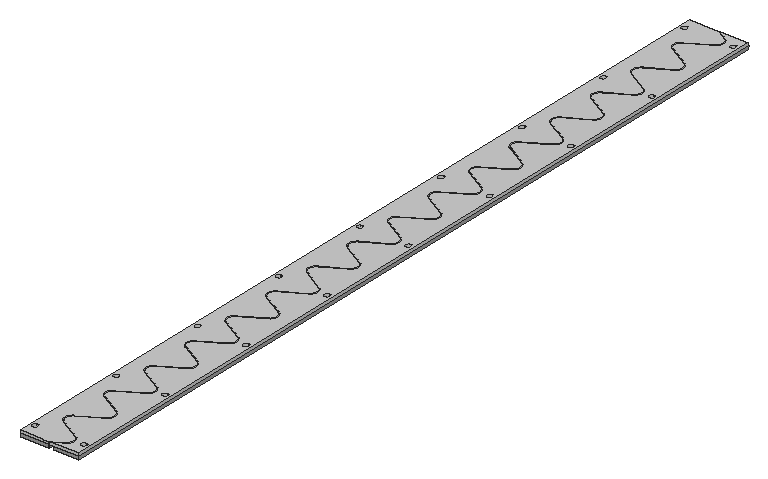
Revit family "Herkules ER140_Profiles with sinusoidal joint", category Generic Models, Revit 2019
Family settings
  Can host rebar = No
  Round Connector Dimension = Use Diameter
  Part Type = Normal
  Work Plane-Based = Yes
  Always vertical = No
  Cut with Voids When Loaded = No
  Shared = No
  Room Calculation Point = No
Parameters (values of type "ER140_L2000")
  Type Image = Herkules ER140_Foto.jpg
  Telephone = "+49 (0)8 21 / 455 969 0"
  Length = 2000 mm
  Height = 14 mm  # constant formula
  Delivery time = "2 weeks"
  Default Elevation = 0 mm
  Description = "Joint profiles reconstruction and transition"
  Type Comments = "HerkulesER140_L2500"
  Keynote = "Herkules"
  Manufacturer = "Guggemos GmbH"
  Model = "Heavy duty profile for extremely low installation heights"
  Video = "https://www.youtube.com/watch?v=sm5Nj8XeAwQ"
  URL = "https://www.fugenprofile.de/en/joint-profiles-for-reconstruction-and-transition/joint-profile-herkules-er140/"
  E-mail = "service@fugenprofile.de"
  Basic material EOS = Steel S355 JR
  Adresse = "Iglauer Str. 6 86316 Friedberg"
Types (4, lengths in mm): name | Length
  (no name) | 2000
  ER140_L2500 | 2500
  ER140_L2000 | 2000
  ER140_L1500 | 1500
Reference planes
  plane 1 "Center (Front/Back)": y = -500
  plane 2: z = 0.5
  plane 3 "Center (Left/Right)": x = 0
  plane 4: y = 1500
  plane 5: y = 0
  plane 6: y = 1000
Dimensions and locks
  "Length": plane 1 "Center (Front/Back)" to plane 4
  locked: plane 1 "Center (Front/Back)" to plane 5 at 500
  locked: plane 6 to plane 4 at 500
  locked: plane 2 to level at 0.5
  aligned and locked: plane 2 to nested 1
Nested families
  nested 1: "Detail 2" at (3.56, -500, 0.5), type "Profilkopf"
    with Number of waves 17, Number of holes for anchors 9, Length 2000 mm, Dimension_Row1 1939.4 mm
Definition of nested family "Detail 2"
  Parameters (values of type "Profilkopf")
    Number of waves = Length / 123 mm + 1  # 13
    Number of holes for anchors = if((Dimension_Row1) / 242.5 mm + 1 > 2, (Dimension_Row1) / 242.5 mm + 1, 2)  # 7
    Length = 1500 mm
    Dimension_Row1 = Length - 30.3 mm - 30.3 mm  # 1439.4 mm
    Basismateriall Profilkopf = none
  Reference planes
    plane 1 "Center (Front/Back)": y = 0
    plane 2: z = 0
    plane 3 "Center (Left/Right)": x = 0
    plane 4: y = 1500
    plane 5: y = 30.311
    plane 6: y = 272.798
    plane 7: y = 515.285
    plane 8: y = 757.772
    plane 9: y = 1000.259
    plane 10: y = 1242.746
    plane 11: y = 1485.234
  Forms (mm)
    Extrusion 1, solid, material <- "Basismateriall Profilkopf"
      sketch origin (0, 0, 0) x (1, 0, 0) y (0, 0, 1)
        loop
          line (-70, -14) -> (0, -14) -> (0, -6) -> (-70, -6) -> (-70, -14)
        loop
          line (10, -6) -> (10, -14) -> (70, -14) -> (70, -6) -> (10, -6)
      from 0 to -1500
    Extrusion 2, solid
      sketch origin (0, 0, 0) x (1, 0, 0) y (0, 0, 1)
        loop
          line (70, -6) -> (70, 0) -> (-70, 0) -> (-70, -6) -> (70, -6)
      from -1500 to 0
    Extrusion 3, void
      sketch origin (0, 0, 0) x (0, 1, 0) y (1, 0, 0)
        loop
          arc (106.088, -26.25) -> (90.933, -35) -> (75.777, -26.25) r 17.5
          line (75.777, -26.25) -> (45.466, 26.25)
          arc (45.466, 26.25) -> (30.311, 35) -> (15.155, 26.25) r 17.5
          line (15.155, 26.25) -> (0, 0) -> (0.924, 0) -> (15.848, 25.85)
          arc (15.848, 25.85) -> (30.311, 34.2) -> (44.774, 25.85) r 16.7
          line (44.774, 25.85) -> (75.084, -26.65)
          arc (75.084, -26.65) -> (90.933, -35.8) -> (106.781, -26.65) r 18.3
          line (106.781, -26.65) -> (122.167, 0) -> (121.244, 0) -> (106.088, -26.25)
      from 0 to 6
    Extrusion 4, void
      sketch origin (0, 121.244, 0) x (0, 1, 0) y (1, 0, 0)
        loop
          arc (106.088, -26.25) -> (90.933, -35) -> (75.777, -26.25) r 17.5
          line (75.777, -26.25) -> (45.466, 26.25)
          arc (45.466, 26.25) -> (30.311, 35) -> (15.155, 26.25) r 17.5
          line (15.155, 26.25) -> (0, 0) -> (0.924, 0) -> (15.848, 25.85)
          arc (15.848, 25.85) -> (30.311, 34.2) -> (44.774, 25.85) r 16.7
          line (44.774, 25.85) -> (75.084, -26.65)
          arc (75.084, -26.65) -> (90.933, -35.8) -> (106.781, -26.65) r 18.3
          line (106.781, -26.65) -> (122.167, 0) -> (121.244, 0) -> (106.088, -26.25)
      from 0 to 6
    Extrusion 5, void
      sketch origin (0, 242.487, 0) x (0, 1, 0) y (1, 0, 0)
        loop
          arc (106.088, -26.25) -> (90.933, -35) -> (75.777, -26.25) r 17.5
          line (75.777, -26.25) -> (45.466, 26.25)
          arc (45.466, 26.25) -> (30.311, 35) -> (15.155, 26.25) r 17.5
          line (15.155, 26.25) -> (0, 0) -> (0.924, 0) -> (15.848, 25.85)
          arc (15.848, 25.85) -> (30.311, 34.2) -> (44.774, 25.85) r 16.7
          line (44.774, 25.85) -> (75.084, -26.65)
          arc (75.084, -26.65) -> (90.933, -35.8) -> (106.781, -26.65) r 18.3
          line (106.781, -26.65) -> (122.167, 0) -> (121.244, 0) -> (106.088, -26.25)
      from 0 to 6
    Extrusion 6, void
      sketch origin (0, 363.731, 0) x (0, 1, 0) y (1, 0, 0)
        loop
          arc (106.088, -26.25) -> (90.933, -35) -> (75.777, -26.25) r 17.5
          line (75.777, -26.25) -> (45.466, 26.25)
          arc (45.466, 26.25) -> (30.311, 35) -> (15.155, 26.25) r 17.5
          line (15.155, 26.25) -> (0, 0) -> (0.924, 0) -> (15.848, 25.85)
          arc (15.848, 25.85) -> (30.311, 34.2) -> (44.774, 25.85) r 16.7
          line (44.774, 25.85) -> (75.084, -26.65)
          arc (75.084, -26.65) -> (90.933, -35.8) -> (106.781, -26.65) r 18.3
          line (106.781, -26.65) -> (122.167, 0) -> (121.244, 0) -> (106.088, -26.25)
      from 0 to 6
    Extrusion 7, void
      sketch origin (0, 484.974, 0) x (0, 1, 0) y (1, 0, 0)
        loop
          arc (106.088, -26.25) -> (90.933, -35) -> (75.777, -26.25) r 17.5
          line (75.777, -26.25) -> (45.466, 26.25)
          arc (45.466, 26.25) -> (30.311, 35) -> (15.155, 26.25) r 17.5
          line (15.155, 26.25) -> (0, 0) -> (0.924, 0) -> (15.848, 25.85)
          arc (15.848, 25.85) -> (30.311, 34.2) -> (44.774, 25.85) r 16.7
          line (44.774, 25.85) -> (75.084, -26.65)
          arc (75.084, -26.65) -> (90.933, -35.8) -> (106.781, -26.65) r 18.3
          line (106.781, -26.65) -> (122.167, 0) -> (121.244, 0) -> (106.088, -26.25)
      from 0 to 6
    Extrusion 8, void
      sketch origin (0, 606.218, 0) x (0, 1, 0) y (1, 0, 0)
        loop
          arc (106.088, -26.25) -> (90.933, -35) -> (75.777, -26.25) r 17.5
          line (75.777, -26.25) -> (45.466, 26.25)
          arc (45.466, 26.25) -> (30.311, 35) -> (15.155, 26.25) r 17.5
          line (15.155, 26.25) -> (0, 0) -> (0.924, 0) -> (15.848, 25.85)
          arc (15.848, 25.85) -> (30.311, 34.2) -> (44.774, 25.85) r 16.7
          line (44.774, 25.85) -> (75.084, -26.65)
          arc (75.084, -26.65) -> (90.933, -35.8) -> (106.781, -26.65) r 18.3
          line (106.781, -26.65) -> (122.167, 0) -> (121.244, 0) -> (106.088, -26.25)
      from 0 to 6
    Extrusion 9, void
      sketch origin (0, 727.461, 0) x (0, 1, 0) y (1, 0, 0)
        loop
          arc (106.088, -26.25) -> (90.933, -35) -> (75.777, -26.25) r 17.5
          line (75.777, -26.25) -> (45.466, 26.25)
          arc (45.466, 26.25) -> (30.311, 35) -> (15.155, 26.25) r 17.5
          line (15.155, 26.25) -> (0, 0) -> (0.924, 0) -> (15.848, 25.85)
          arc (15.848, 25.85) -> (30.311, 34.2) -> (44.774, 25.85) r 16.7
          line (44.774, 25.85) -> (75.084, -26.65)
          arc (75.084, -26.65) -> (90.933, -35.8) -> (106.781, -26.65) r 18.3
          line (106.781, -26.65) -> (122.167, 0) -> (121.244, 0) -> (106.088, -26.25)
      from 0 to 6
    Extrusion 10, void
      sketch origin (0, 848.705, 0) x (0, 1, 0) y (1, 0, 0)
        loop
          arc (106.088, -26.25) -> (90.933, -35) -> (75.777, -26.25) r 17.5
          line (75.777, -26.25) -> (45.466, 26.25)
          arc (45.466, 26.25) -> (30.311, 35) -> (15.155, 26.25) r 17.5
          line (15.155, 26.25) -> (0, 0) -> (0.924, 0) -> (15.848, 25.85)
          arc (15.848, 25.85) -> (30.311, 34.2) -> (44.774, 25.85) r 16.7
          line (44.774, 25.85) -> (75.084, -26.65)
          arc (75.084, -26.65) -> (90.933, -35.8) -> (106.781, -26.65) r 18.3
          line (106.781, -26.65) -> (122.167, 0) -> (121.244, 0) -> (106.088, -26.25)
      from 0 to 6
    Extrusion 11, void
      sketch origin (0, 969.948, 0) x (0, 1, 0) y (1, 0, 0)
        loop
          arc (106.088, -26.25) -> (90.933, -35) -> (75.777, -26.25) r 17.5
          line (75.777, -26.25) -> (45.466, 26.25)
          arc (45.466, 26.25) -> (30.311, 35) -> (15.155, 26.25) r 17.5
          line (15.155, 26.25) -> (0, 0) -> (0.924, 0) -> (15.848, 25.85)
          arc (15.848, 25.85) -> (30.311, 34.2) -> (44.774, 25.85) r 16.7
          line (44.774, 25.85) -> (75.084, -26.65)
          arc (75.084, -26.65) -> (90.933, -35.8) -> (106.781, -26.65) r 18.3
          line (106.781, -26.65) -> (122.167, 0) -> (121.244, 0) -> (106.088, -26.25)
      from 0 to 6
    Extrusion 12, void
      sketch origin (0, 1091.192, 0) x (0, 1, 0) y (1, 0, 0)
        loop
          arc (106.088, -26.25) -> (90.933, -35) -> (75.777, -26.25) r 17.5
          line (75.777, -26.25) -> (45.466, 26.25)
          arc (45.466, 26.25) -> (30.311, 35) -> (15.155, 26.25) r 17.5
          line (15.155, 26.25) -> (0, 0) -> (0.924, 0) -> (15.848, 25.85)
          arc (15.848, 25.85) -> (30.311, 34.2) -> (44.774, 25.85) r 16.7
          line (44.774, 25.85) -> (75.084, -26.65)
          arc (75.084, -26.65) -> (90.933, -35.8) -> (106.781, -26.65) r 18.3
          line (106.781, -26.65) -> (122.167, 0) -> (121.244, 0) -> (106.088, -26.25)
      from 0 to 6
    Extrusion 13, void
      sketch origin (0, 1212.436, 0) x (0, 1, 0) y (1, 0, 0)
        loop
          arc (106.088, -26.25) -> (90.933, -35) -> (75.777, -26.25) r 17.5
          line (75.777, -26.25) -> (45.466, 26.25)
          arc (45.466, 26.25) -> (30.311, 35) -> (15.155, 26.25) r 17.5
          line (15.155, 26.25) -> (0, 0) -> (0.924, 0) -> (15.848, 25.85)
          arc (15.848, 25.85) -> (30.311, 34.2) -> (44.774, 25.85) r 16.7
          line (44.774, 25.85) -> (75.084, -26.65)
          arc (75.084, -26.65) -> (90.933, -35.8) -> (106.781, -26.65) r 18.3
          line (106.781, -26.65) -> (122.167, 0) -> (121.244, 0) -> (106.088, -26.25)
      from 0 to 6
    Extrusion 14, void
      sketch origin (0, 1333.679, 0) x (0, 1, 0) y (1, 0, 0)
        loop
          arc (106.088, -26.25) -> (90.933, -35) -> (75.777, -26.25) r 17.5
          line (75.777, -26.25) -> (45.466, 26.25)
          arc (45.466, 26.25) -> (30.311, 35) -> (15.155, 26.25) r 17.5
          line (15.155, 26.25) -> (0, 0) -> (0.924, 0) -> (15.848, 25.85)
          arc (15.848, 25.85) -> (30.311, 34.2) -> (44.774, 25.85) r 16.7
          line (44.774, 25.85) -> (75.084, -26.65)
          arc (75.084, -26.65) -> (90.933, -35.8) -> (106.781, -26.65) r 18.3
          line (106.781, -26.65) -> (122.167, 0) -> (121.244, 0) -> (106.088, -26.25)
      from 0 to 6
    Extrusion 15, void
      sketch origin (0, 1454.923, 0) x (0, 1, 0) y (1, 0, 0)
        loop
          arc (106.088, -26.25) -> (90.933, -35) -> (75.777, -26.25) r 17.5
          line (75.777, -26.25) -> (45.466, 26.25)
          arc (45.466, 26.25) -> (30.311, 35) -> (15.155, 26.25) r 17.5
          line (15.155, 26.25) -> (0, 0) -> (0.924, 0) -> (15.848, 25.85)
          arc (15.848, 25.85) -> (30.311, 34.2) -> (44.774, 25.85) r 16.7
          line (44.774, 25.85) -> (75.084, -26.65)
          arc (75.084, -26.65) -> (90.933, -35.8) -> (106.781, -26.65) r 18.3
          line (106.781, -26.65) -> (122.167, 0) -> (121.244, 0) -> (106.088, -26.25)
      from 0 to 6
    Extrusion 16, void
      sketch origin (0, 0.311, 0) x (0, 1, 0) y (1, 0, 0)
        loop
          circle (30, 58) r 6.5
        loop
          circle (30, -58) r 6.5
      from 0 to 20
    Extrusion 17, void
      sketch origin (0, 0, 0) x (0, 1, 0) y (1, 0, 0)
        loop
          line (0, -1.6) -> (0.924, 0) -> (0, 0) -> (0, -1.6)
      from 0 to 20
    Extrusion 18, void
      sketch origin (0, 242.798, 0) x (0, 1, 0) y (1, 0, 0)
        loop
          circle (30, 58) r 6.5
        loop
          circle (30, -58) r 6.5
      from 0 to 20
    Extrusion 19, void
      sketch origin (0, 485.285, 0) x (0, 1, 0) y (1, 0, 0)
        loop
          circle (30, 58) r 6.5
        loop
          circle (30, -58) r 6.5
      from 0 to 20
    Extrusion 20, void
      sketch origin (0, 727.772, 0) x (0, 1, 0) y (1, 0, 0)
        loop
          circle (30, 58) r 6.5
        loop
          circle (30, -58) r 6.5
      from 0 to 20
    Extrusion 21, void
      sketch origin (0, 970.259, 0) x (0, 1, 0) y (1, 0, 0)
        loop
          circle (30, 58) r 6.5
        loop
          circle (30, -58) r 6.5
      from 0 to 20
    Extrusion 22, void
      sketch origin (0, 1212.746, 0) x (0, 1, 0) y (1, 0, 0)
        loop
          circle (30, 58) r 6.5
        loop
          circle (30, -58) r 6.5
      from 0 to 20
    Extrusion 23, void
      sketch origin (0, 1455.234, 0) x (0, 1, 0) y (1, 0, 0)
        loop
          circle (30, 58) r 6.5
        loop
          circle (30, -58) r 6.5
      from 0 to 20
  Cuts and joins
    Extrusion 3, Extrusion 4, Extrusion 5, Extrusion 6, Extrusion 7, Extrusion 8, Extrusion 9, Extrusion 10, Extrusion 11, Extrusion 12, Extrusion 13, Extrusion 14, Extrusion 15, Extrusion 16, Extrusion 17, Extrusion 18, Extrusion 19, Extrusion 20, Extrusion 21, Extrusion 22, Extrusion 23 cuts Extrusion 2
    Extrusion 5, Extrusion 8, Extrusion 9, Extrusion 10, Extrusion 11, Extrusion 12, Extrusion 13, Extrusion 14, Extrusion 15, Extrusion 16, Extrusion 17, Extrusion 18, Extrusion 19, Extrusion 20, Extrusion 21, Extrusion 22, Extrusion 23 cuts Extrusion 1
  Dimensions and locks
    "Length": plane 1 "Center (Front/Back)" to plane 4
    equal spacing: group 1, group 2, group 3, group 4, group 5, group 6, group 7, group 8, group 9, group 10, group 11, group 12, group 13  (x3)
    equal spacing: group 14, group 15, group 16, group 17, group 18, group 19, group 20  (x3)
    plane 1 "Center (Front/Back)" to plane 5 = 30.311 mm
    plane 5 to plane 6 = 242.487 mm
    aligned and locked: level to plane 2
    aligned and locked: Extrusion 1 to plane 4
    aligned and locked: Extrusion 2 to Extrusion 1  (x2)
    aligned and locked: Extrusion 2 to Extrusion 3
    aligned and locked: plane 5 to Extrusion 16 sketch curve  (x2)
    aligned and locked: plane 6 to Extrusion 18 sketch curve  (x2)
    aligned and locked: plane 7 to Extrusion 19 sketch curve  (x2)
    aligned and locked: plane 8 to Extrusion 20 sketch curve  (x2)
    aligned and locked: plane 9 to Extrusion 21 sketch curve  (x2)
    aligned and locked: plane 10 to Extrusion 22 sketch curve  (x2)
    aligned and locked: plane 11 to Extrusion 23 sketch curve  (x2)
  Automatic sketch dimensions
    plane 3 "Center (Left/Right)" to Extrusion 2 sketch curve = 70 mm
    Extrusion 2 sketch curve to plane 3 "Center (Left/Right)" = 70 mm
    Extrusion 2 sketch curve to level = 6 mm
    Extrusion 2 sketch curve to level = 0 mm
    Extrusion 1 sketch curve to plane 3 "Center (Left/Right)" = 0 mm
    Extrusion 1 sketch curve to level = 14 mm  (x2)
    Extrusion 1 sketch curve to plane 3 "Center (Left/Right)" = 70 mm
    plane 3 "Center (Left/Right)" to Extrusion 1 sketch curve = 10 mm
    Extrusion 1 sketch curve to Extrusion 1 sketch curve = 60 mm
    Extrusion 1 sketch curve to level = 6 mm  (x2)
    Extrusion 3 sketch curve to Extrusion 3 sketch curve = 0 mm  (x8)
    Extrusion 3 sketch curve to Extrusion 3 sketch curve = 0.924 mm  (x2)
    Extrusion 3 sketch curve to Extrusion 3 sketch curve = 14.232 mm
    Extrusion 3 sketch curve to Extrusion 3 sketch curve = 0.693 mm  (x4)
    Extrusion 3 sketch curve to Extrusion 3 sketch curve = 14.463 mm  (x2)
    Extrusion 3 sketch curve to Extrusion 3 sketch curve = 30.311 mm
    Extrusion 3 sketch curve to Extrusion 3 sketch curve = 15.155 mm  (x2)
    Extrusion 3 sketch curve to Extrusion 3 sketch curve = 0.4 mm  (x2)
    Extrusion 3 sketch curve to Extrusion 3 sketch curve = 8.35 mm
    Extrusion 3 sketch curve to Extrusion 3 sketch curve = 25.85 mm
    Extrusion 3 sketch curve to Extrusion 3 sketch curve = 43.75 mm
    Extrusion 3 sketch curve to Extrusion 3 sketch curve = 8.75 mm
    Extrusion 3 sketch curve to Extrusion 3 sketch curve = 15.386 mm
    Extrusion 3 sketch curve to Extrusion 3 sketch curve = 26.65 mm
    Extrusion 4 sketch curve to Extrusion 4 sketch curve = 0 mm  (x8)
    Extrusion 4 sketch curve to Extrusion 4 sketch curve = 0.924 mm  (x2)
    Extrusion 4 sketch curve to Extrusion 4 sketch curve = 14.232 mm
    Extrusion 4 sketch curve to Extrusion 4 sketch curve = 0.693 mm  (x4)
    Extrusion 4 sketch curve to Extrusion 4 sketch curve = 14.463 mm  (x2)
    Extrusion 4 sketch curve to Extrusion 4 sketch curve = 30.311 mm
    Extrusion 4 sketch curve to Extrusion 4 sketch curve = 15.155 mm  (x2)
    Extrusion 4 sketch curve to Extrusion 4 sketch curve = 0.4 mm  (x2)
    Extrusion 4 sketch curve to Extrusion 4 sketch curve = 8.35 mm
    Extrusion 4 sketch curve to Extrusion 4 sketch curve = 25.85 mm
    Extrusion 4 sketch curve to Extrusion 4 sketch curve = 43.75 mm
    Extrusion 4 sketch curve to Extrusion 4 sketch curve = 8.75 mm
    Extrusion 4 sketch curve to Extrusion 4 sketch curve = 15.386 mm
    Extrusion 4 sketch curve to Extrusion 4 sketch curve = 26.65 mm
    Extrusion 5 sketch curve to Extrusion 5 sketch curve = 0 mm  (x8)
    Extrusion 5 sketch curve to Extrusion 5 sketch curve = 0.924 mm  (x2)
    Extrusion 5 sketch curve to Extrusion 5 sketch curve = 14.232 mm
    Extrusion 5 sketch curve to Extrusion 5 sketch curve = 0.693 mm  (x4)
    Extrusion 5 sketch curve to Extrusion 5 sketch curve = 14.463 mm  (x2)
    Extrusion 5 sketch curve to Extrusion 5 sketch curve = 30.311 mm
    Extrusion 5 sketch curve to Extrusion 5 sketch curve = 15.155 mm  (x2)
    Extrusion 5 sketch curve to Extrusion 5 sketch curve = 0.4 mm  (x2)
    Extrusion 5 sketch curve to Extrusion 5 sketch curve = 8.35 mm
    Extrusion 5 sketch curve to Extrusion 5 sketch curve = 25.85 mm
    Extrusion 5 sketch curve to Extrusion 5 sketch curve = 43.75 mm
    Extrusion 5 sketch curve to Extrusion 5 sketch curve = 8.75 mm
    Extrusion 5 sketch curve to Extrusion 5 sketch curve = 15.386 mm
    Extrusion 5 sketch curve to Extrusion 5 sketch curve = 26.65 mm
    Extrusion 6 sketch curve to Extrusion 6 sketch curve = 0 mm  (x8)
    Extrusion 6 sketch curve to Extrusion 6 sketch curve = 0.924 mm  (x2)
    Extrusion 6 sketch curve to Extrusion 6 sketch curve = 14.232 mm
    Extrusion 6 sketch curve to Extrusion 6 sketch curve = 0.693 mm  (x4)
    Extrusion 6 sketch curve to Extrusion 6 sketch curve = 14.463 mm  (x2)
    Extrusion 6 sketch curve to Extrusion 6 sketch curve = 30.311 mm
    Extrusion 6 sketch curve to Extrusion 6 sketch curve = 15.155 mm  (x2)
    Extrusion 6 sketch curve to Extrusion 6 sketch curve = 0.4 mm  (x2)
    Extrusion 6 sketch curve to Extrusion 6 sketch curve = 8.35 mm
    Extrusion 6 sketch curve to Extrusion 6 sketch curve = 25.85 mm
    Extrusion 6 sketch curve to Extrusion 6 sketch curve = 43.75 mm
    Extrusion 6 sketch curve to Extrusion 6 sketch curve = 8.75 mm
    Extrusion 6 sketch curve to Extrusion 6 sketch curve = 15.386 mm
    Extrusion 6 sketch curve to Extrusion 6 sketch curve = 26.65 mm
    Extrusion 7 sketch curve to Extrusion 7 sketch curve = 0 mm  (x8)
    Extrusion 7 sketch curve to Extrusion 7 sketch curve = 0.924 mm  (x2)
    Extrusion 7 sketch curve to Extrusion 7 sketch curve = 14.232 mm
    Extrusion 7 sketch curve to Extrusion 7 sketch curve = 0.693 mm  (x4)
    Extrusion 7 sketch curve to Extrusion 7 sketch curve = 14.463 mm  (x2)
    Extrusion 7 sketch curve to Extrusion 7 sketch curve = 30.311 mm
    Extrusion 7 sketch curve to Extrusion 7 sketch curve = 15.155 mm  (x2)
    Extrusion 7 sketch curve to Extrusion 7 sketch curve = 0.4 mm  (x2)
    Extrusion 7 sketch curve to Extrusion 7 sketch curve = 8.35 mm
    Extrusion 7 sketch curve to Extrusion 7 sketch curve = 25.85 mm
    Extrusion 7 sketch curve to Extrusion 7 sketch curve = 43.75 mm
    Extrusion 7 sketch curve to Extrusion 7 sketch curve = 8.75 mm
    Extrusion 7 sketch curve to Extrusion 7 sketch curve = 15.386 mm
    Extrusion 7 sketch curve to Extrusion 7 sketch curve = 26.65 mm
    Extrusion 8 sketch curve to Extrusion 8 sketch curve = 0 mm  (x8)
    Extrusion 8 sketch curve to Extrusion 8 sketch curve = 0.924 mm  (x2)
    Extrusion 8 sketch curve to Extrusion 8 sketch curve = 14.232 mm
    Extrusion 8 sketch curve to Extrusion 8 sketch curve = 0.693 mm  (x4)
    Extrusion 8 sketch curve to Extrusion 8 sketch curve = 14.463 mm  (x2)
    Extrusion 8 sketch curve to Extrusion 8 sketch curve = 30.311 mm
    Extrusion 8 sketch curve to Extrusion 8 sketch curve = 15.155 mm  (x2)
    Extrusion 8 sketch curve to Extrusion 8 sketch curve = 0.4 mm  (x2)
    Extrusion 8 sketch curve to Extrusion 8 sketch curve = 8.35 mm
    Extrusion 8 sketch curve to Extrusion 8 sketch curve = 25.85 mm
    Extrusion 8 sketch curve to Extrusion 8 sketch curve = 43.75 mm
    Extrusion 8 sketch curve to Extrusion 8 sketch curve = 8.75 mm
    Extrusion 8 sketch curve to Extrusion 8 sketch curve = 15.386 mm
    Extrusion 8 sketch curve to Extrusion 8 sketch curve = 26.65 mm
    Extrusion 9 sketch curve to Extrusion 9 sketch curve = 0 mm  (x8)
    Extrusion 9 sketch curve to Extrusion 9 sketch curve = 0.924 mm  (x2)
    Extrusion 9 sketch curve to Extrusion 9 sketch curve = 14.232 mm
    Extrusion 9 sketch curve to Extrusion 9 sketch curve = 0.693 mm  (x4)
    Extrusion 9 sketch curve to Extrusion 9 sketch curve = 14.463 mm  (x2)
    Extrusion 9 sketch curve to Extrusion 9 sketch curve = 30.311 mm
    Extrusion 9 sketch curve to Extrusion 9 sketch curve = 15.155 mm  (x2)
    Extrusion 9 sketch curve to Extrusion 9 sketch curve = 0.4 mm  (x2)
    Extrusion 9 sketch curve to Extrusion 9 sketch curve = 8.35 mm
    Extrusion 9 sketch curve to Extrusion 9 sketch curve = 25.85 mm
    Extrusion 9 sketch curve to Extrusion 9 sketch curve = 43.75 mm
    Extrusion 9 sketch curve to Extrusion 9 sketch curve = 8.75 mm
    Extrusion 9 sketch curve to Extrusion 9 sketch curve = 15.386 mm
    Extrusion 9 sketch curve to Extrusion 9 sketch curve = 26.65 mm
    Extrusion 10 sketch curve to Extrusion 10 sketch curve = 0 mm  (x8)
    Extrusion 10 sketch curve to Extrusion 10 sketch curve = 0.924 mm  (x2)
    Extrusion 10 sketch curve to Extrusion 10 sketch curve = 14.232 mm
    Extrusion 10 sketch curve to Extrusion 10 sketch curve = 0.693 mm  (x4)
    Extrusion 10 sketch curve to Extrusion 10 sketch curve = 14.463 mm  (x2)
    Extrusion 10 sketch curve to Extrusion 10 sketch curve = 30.311 mm
    Extrusion 10 sketch curve to Extrusion 10 sketch curve = 15.155 mm  (x2)
    Extrusion 10 sketch curve to Extrusion 10 sketch curve = 0.4 mm  (x2)
    Extrusion 10 sketch curve to Extrusion 10 sketch curve = 8.35 mm
    Extrusion 10 sketch curve to Extrusion 10 sketch curve = 25.85 mm
    Extrusion 10 sketch curve to Extrusion 10 sketch curve = 43.75 mm
    Extrusion 10 sketch curve to Extrusion 10 sketch curve = 8.75 mm
    Extrusion 10 sketch curve to Extrusion 10 sketch curve = 15.386 mm
    Extrusion 10 sketch curve to Extrusion 10 sketch curve = 26.65 mm
    Extrusion 11 sketch curve to Extrusion 11 sketch curve = 0 mm  (x8)
    Extrusion 11 sketch curve to Extrusion 11 sketch curve = 0.924 mm  (x2)
    Extrusion 11 sketch curve to Extrusion 11 sketch curve = 14.232 mm
    Extrusion 11 sketch curve to Extrusion 11 sketch curve = 0.693 mm  (x4)
    Extrusion 11 sketch curve to Extrusion 11 sketch curve = 14.463 mm  (x2)
    Extrusion 11 sketch curve to Extrusion 11 sketch curve = 30.311 mm
    Extrusion 11 sketch curve to Extrusion 11 sketch curve = 15.155 mm  (x2)
    Extrusion 11 sketch curve to Extrusion 11 sketch curve = 0.4 mm  (x2)
    Extrusion 11 sketch curve to Extrusion 11 sketch curve = 8.35 mm
    Extrusion 11 sketch curve to Extrusion 11 sketch curve = 25.85 mm
    Extrusion 11 sketch curve to Extrusion 11 sketch curve = 43.75 mm
    Extrusion 11 sketch curve to Extrusion 11 sketch curve = 8.75 mm
    Extrusion 11 sketch curve to Extrusion 11 sketch curve = 15.386 mm
    Extrusion 11 sketch curve to Extrusion 11 sketch curve = 26.65 mm
    Extrusion 12 sketch curve to Extrusion 12 sketch curve = 0 mm  (x8)
    Extrusion 12 sketch curve to Extrusion 12 sketch curve = 0.924 mm  (x2)
    Extrusion 12 sketch curve to Extrusion 12 sketch curve = 14.232 mm
    Extrusion 12 sketch curve to Extrusion 12 sketch curve = 0.693 mm  (x4)
    Extrusion 12 sketch curve to Extrusion 12 sketch curve = 14.463 mm  (x2)
    Extrusion 12 sketch curve to Extrusion 12 sketch curve = 30.311 mm
    Extrusion 12 sketch curve to Extrusion 12 sketch curve = 15.155 mm  (x2)
    Extrusion 12 sketch curve to Extrusion 12 sketch curve = 0.4 mm  (x2)
    Extrusion 12 sketch curve to Extrusion 12 sketch curve = 8.35 mm
    Extrusion 12 sketch curve to Extrusion 12 sketch curve = 25.85 mm
    Extrusion 12 sketch curve to Extrusion 12 sketch curve = 43.75 mm
    Extrusion 12 sketch curve to Extrusion 12 sketch curve = 8.75 mm
    Extrusion 12 sketch curve to Extrusion 12 sketch curve = 15.386 mm
    Extrusion 12 sketch curve to Extrusion 12 sketch curve = 26.65 mm
    Extrusion 13 sketch curve to Extrusion 13 sketch curve = 0 mm  (x8)
    Extrusion 13 sketch curve to Extrusion 13 sketch curve = 0.924 mm  (x2)
    Extrusion 13 sketch curve to Extrusion 13 sketch curve = 14.232 mm
    Extrusion 13 sketch curve to Extrusion 13 sketch curve = 0.693 mm  (x4)
    Extrusion 13 sketch curve to Extrusion 13 sketch curve = 14.463 mm  (x2)
    Extrusion 13 sketch curve to Extrusion 13 sketch curve = 30.311 mm
    Extrusion 13 sketch curve to Extrusion 13 sketch curve = 15.155 mm  (x2)
    Extrusion 13 sketch curve to Extrusion 13 sketch curve = 0.4 mm  (x2)
    Extrusion 13 sketch curve to Extrusion 13 sketch curve = 8.35 mm
    Extrusion 13 sketch curve to Extrusion 13 sketch curve = 25.85 mm
    Extrusion 13 sketch curve to Extrusion 13 sketch curve = 43.75 mm
    Extrusion 13 sketch curve to Extrusion 13 sketch curve = 8.75 mm
    Extrusion 13 sketch curve to Extrusion 13 sketch curve = 15.386 mm
    Extrusion 13 sketch curve to Extrusion 13 sketch curve = 26.65 mm
    Extrusion 14 sketch curve to Extrusion 14 sketch curve = 0 mm  (x8)
    Extrusion 14 sketch curve to Extrusion 14 sketch curve = 0.924 mm  (x2)
    Extrusion 14 sketch curve to Extrusion 14 sketch curve = 14.232 mm
    Extrusion 14 sketch curve to Extrusion 14 sketch curve = 0.693 mm  (x4)
    Extrusion 14 sketch curve to Extrusion 14 sketch curve = 14.463 mm  (x2)
    Extrusion 14 sketch curve to Extrusion 14 sketch curve = 30.311 mm
    Extrusion 14 sketch curve to Extrusion 14 sketch curve = 15.155 mm  (x2)
    Extrusion 14 sketch curve to Extrusion 14 sketch curve = 0.4 mm  (x2)
    Extrusion 14 sketch curve to Extrusion 14 sketch curve = 8.35 mm
    Extrusion 14 sketch curve to Extrusion 14 sketch curve = 25.85 mm
    Extrusion 14 sketch curve to Extrusion 14 sketch curve = 43.75 mm
    Extrusion 14 sketch curve to Extrusion 14 sketch curve = 8.75 mm
    Extrusion 14 sketch curve to Extrusion 14 sketch curve = 15.386 mm
    Extrusion 14 sketch curve to Extrusion 14 sketch curve = 26.65 mm
    Extrusion 15 sketch curve to Extrusion 15 sketch curve = 0 mm  (x8)
    Extrusion 15 sketch curve to Extrusion 15 sketch curve = 0.924 mm  (x2)
    Extrusion 15 sketch curve to Extrusion 15 sketch curve = 14.232 mm
    Extrusion 15 sketch curve to Extrusion 15 sketch curve = 0.693 mm  (x4)
    Extrusion 15 sketch curve to Extrusion 15 sketch curve = 14.463 mm  (x2)
    Extrusion 15 sketch curve to Extrusion 15 sketch curve = 30.311 mm
    Extrusion 15 sketch curve to Extrusion 15 sketch curve = 15.155 mm  (x2)
    Extrusion 15 sketch curve to Extrusion 15 sketch curve = 0.4 mm  (x2)
    Extrusion 15 sketch curve to Extrusion 15 sketch curve = 8.35 mm
    Extrusion 15 sketch curve to Extrusion 15 sketch curve = 25.85 mm
    Extrusion 15 sketch curve to Extrusion 15 sketch curve = 43.75 mm
    Extrusion 15 sketch curve to Extrusion 15 sketch curve = 8.75 mm
    Extrusion 15 sketch curve to Extrusion 15 sketch curve = 15.386 mm
    Extrusion 15 sketch curve to Extrusion 15 sketch curve = 26.65 mm
    Extrusion 17 sketch curve to Extrusion 17 sketch curve = 1.6 mm
    Extrusion 17 sketch curve to Extrusion 2 = 68.4 mm
    Extrusion 2 to Extrusion 17 sketch curve = 0.924 mm
    Extrusion 17 sketch curve to Extrusion 2 = 0 mm
    Extrusion 16 sketch curve to Extrusion 16 sketch curve = 116 mm
    Extrusion 18 sketch curve to Extrusion 18 sketch curve = 116 mm
    Extrusion 19 sketch curve to Extrusion 19 sketch curve = 116 mm
    Extrusion 20 sketch curve to Extrusion 20 sketch curve = 116 mm
    Extrusion 21 sketch curve to Extrusion 21 sketch curve = 116 mm
    Extrusion 22 sketch curve to Extrusion 22 sketch curve = 116 mm
    Extrusion 23 sketch curve to Extrusion 23 sketch curve = 116 mm
    radius of Extrusion 16 sketch curve = 6.5 mm  (x2)
    radius of Extrusion 18 sketch curve = 6.5 mm  (x2)
    radius of Extrusion 19 sketch curve = 6.5 mm  (x2)
    radius of Extrusion 20 sketch curve = 6.5 mm  (x2)
    radius of Extrusion 21 sketch curve = 6.5 mm  (x2)
    radius of Extrusion 22 sketch curve = 6.5 mm  (x2)
    radius of Extrusion 23 sketch curve = 6.5 mm  (x2)
